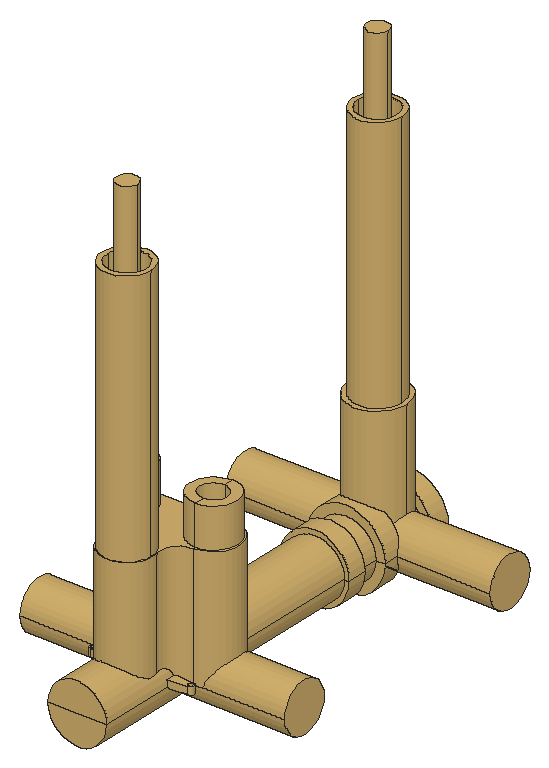
Revit family "Valve_Rough-Thermostatic-DXV-D35005523.191", category Plumbing Fixtures, host Face, Revit 2019
Family settings
  Host = Face
  Round Connector Dimension = Use Radius
  Part Type = Normal
  OmniClass Number = 23.65.55.14.11
  OmniClass Title = Inlet/Outlet Valves for Liquid Services
  Cut with Voids When Loaded = No
  Shared = Yes
  Room Calculation Point = No
Parameters (values of type "D35005523.191")
  Width = 5 7/8"
  Waste Connection = no
  WFU = 4
  Vent Connection = no
  URL = "www.dxv.com"
  Type Comments = "Discrete Functions"
  Product Page URL = "https://www.dxv.com/product/2-handle-thermostatic-rough-valve-with-3-way-diverter"
  Product Documentation Link = "https://dxv01.blob.core.windows.net/dxv-product-pdf-files/spec_D35005523S_DXV_Modulus_2hand_thermo_rough_3way_diverter_EN.pdf"
  Price = "Prices may vary. Please consult Manufacturer Representative for most up-to-date price list."  # constant formula
  Model = "D35005523.191"
  Material = "Metal-DXV-Brass"
  Manufacturer = "DXV"
  Length = 1 3/4"
  Installation Type = "Wall Mounted"
  IAPMO Compliance = "Meets or Exceeds ASME A112.18.1/CSA B125.1/ASSE 1016"  # constant formula
  Hydronic Supply Width = 1 11/16"
  Hydronic Supply Radius = 1/4"
  Hydronic Supply Diameter = Hydronic Supply Radius * 2  # 1/2"
  Height = 3 3/8"
  HWFU = 3
  HW Connection = yes
  Finish = Metal-DXV-Brass
  Description = "2-HANDLE THERMOSTATIC ROUGH VALVE WITH 3-WAY DIVERTER - DISCRETE FUNCTION"
  Default Elevation = 0"
  Creation Date = "07/29/2022"  # constant formula
  CalGreen Compliant = yes
  CWFU = 2
  CW Connection = yes
  CEC Compliant = yes
  Back to Finished Wall Constraint = if(Back to Finished Wall < 3", 3", if(Back to Finished Wall > 4 3/8", 4 3/8", Back to Finished Wall))  # 3"
  Back to Finished Wall = 3"
  Assembly Code = "D2010710"
Reference planes (in)
  plane 1 "Center (Front/Back)": y = 0
  plane 2: z = 0
  plane 3 "Center (Left/Right)": x = 0
  plane 4: x = -1.6875
  plane 5 "Tube Body": z = -3
  plane 6: y = -0.71991
  plane 7: y = 3.28009
  plane 8: y = 2.78009
  plane 9: y = 3.78009
  plane 10: y = -1.5
  plane 11: y = 3.03009
  plane 12: y = 3.53009
  plane 13: y = 2.53009
  plane 14: y = 2.28009
  plane 15: x = 1.6875
  plane 16: z = -3.5
  plane 17: z = 0
  plane 18: z = -2.5
  plane 19: z = 2.75
  plane 20: z = -0.9375
  plane 21: z = 1.82812
  plane 22: z = -1.4375
  plane 23: y = -0.71991
Forms (in)
  Extrusion 1, solid, material "Metal-DXV-Brass" <- "Finish"
    sketch origin (0, 0, 0) x (0, 1, 0) y (0, 0, 1)
      loop
        circle (0, -3) r 0.25
      loop
        circle (0, -3) r 0.3125
    from -1.6875 to 1.6875
  Extrusion 2, solid, material "Metal-DXV-Brass" <- "Finish"
    sketch origin (0, 0, -0.51392) x (1, 0, 0) y (0, 1, 0)
      loop
        arc (-0.31863, -0.64062) -> (0, -1.04825) -> (0.31863, -0.64062) r 0.32835
        arc (0.31863, -0.64062) -> (0.36041, -0.43135) -> (0.54851, -0.33058) r 0.25
        arc (0.54851, -0.33058) -> (0.86336, 0.00832) -> (0.53228, 0.33139) r 0.33118
        line (0.53228, 0.33139) -> (-0.54878, 0.33139)
        arc (-0.54878, 0.33139) -> (-0.87975, 0.00041) -> (-0.54878, -0.33056) r 0.33097
        arc (-0.54878, -0.33056) -> (-0.36049, -0.43125) -> (-0.31863, -0.64062) r 0.25
      loop
        circle (0, 3.28009) r 0.37264
    from -2.48608 to -0.92358
  Extrusion 3, solid, material "Metal-DXV-Brass" <- "Finish"
    sketch origin (-3, 0, 0) x (0, 1, 0) y (0, 0, 1)
      loop
        circle (0, -3) r 0.25
    from 1.3125 to 3
  Extrusion 4, solid, material "Metal-DXV-Brass" <- "Finish"
    sketch origin (3, 0, 0) x (0, 1, 0) y (0, 0, -1)
      loop
        circle (0, 3) r 0.25
    from 1.3125 to 3
  Extrusion 5, solid, material "Metal-DXV-Brass" <- "Finish"
    sketch origin (0, -1.6875, 0) x (1, 0, 0) y (0, 0, 1)
      loop
        circle (0, -3) r 0.25
    from -1.6875 to -0.1875
  Extrusion 6, solid, material "Metal-DXV-Brass" <- "Finish"
    sketch origin (0, 1.6875, 0) x (1, 0, 0) y (0, 0, -1)
      loop
        circle (0, 3) r 0.25
    from -1.6875 to 2.09259
  Revolve 7, solid, material "Metal-DXV-Brass" <- "Finish"
    sketch origin (0, 0, -3) x (0, -1, 0) y (1, 0, 0)
      loop
        line (-3.78009, 0) -> (1.5081, 0) -> (1.5081, 0.375) -> (-2.28009, 0.375) -> (-2.28009, 0.4375) -> (-2.53009, 0.4375) -> (-2.53009, 0.375) -> (-2.78009, 0.375) -> (-2.78009, 0.5) -> (-3.03009, 0.5) -> (-3.03009, 0.375) -> (-3.53009, 0.375) -> (-3.53009, 0.5) -> (-3.78009, 0.5) -> (-3.78009, 0)
      axis (-3.78009, 0) -> (1.5081, 0)
    angle from 0 to 360
  Extrusion 8, solid, material "Metal-DXV-Brass" <- "Finish"
    sketch origin (0, 0, 0) x (1, 0, 0) y (0, 1, 0)
      loop
        circle (0, 3.28009) r 0.25
      loop
        circle (0, 3.28009) r 0.31014
      loop
        circle (0, -0.71991) r 0.25
      loop
        circle (0, -0.71991) r 0.31014
    from -3 to 1.82812
  Revolve 9, solid, material "Metal-DXV-Brass" <- "Finish"
    sketch origin (-0.53228, 0, 0) x (0, 1, 0) y (0, 0, 1)
      loop
        line (0.29972, -2.125) -> (0.29972, -0.9375) -> (0.17472, -0.9375) -> (0.17472, -2.125) -> (0.29972, -2.125)
      axis (0, -0.9375) -> (0, -2.125)
    angle from 0 to 360
  Revolve 10, solid, material "Metal-DXV-Brass" <- "Finish"
    sketch origin (0.53228, 0, 0) x (0, 1, 0) y (0, 0, -1)
      loop
        line (0.29972, 1.4375) -> (0.17472, 1.4375) -> (0.17472, 0.9375) -> (0.29972, 0.9375) -> (0.29972, 1.4375)
      axis (0, 0.9375) -> (0, 1.4375)
    angle from 0 to 360
  Extrusion 11, solid, material "Metal-DXV-Brass" <- "Finish"
    sketch origin (0, 0, 0) x (1, 0, 0) y (0, 1, 0)
      loop
        line (-0.32797, -0.54806) -> (0.32797, -0.54806) -> (0.62321, -0.52225)
        arc (0.62321, -0.52225) -> (0.66474, -0.47713) -> (0.62295, -0.43225) r 0.04513
        line (0.62295, -0.43225) -> (0.30907, -0.40592) -> (-0.30907, -0.40592) -> (-0.62295, -0.43225)
        arc (-0.62295, -0.43225) -> (-0.66474, -0.47713) -> (-0.62321, -0.52225) r 0.04513
        line (-0.62321, -0.52225) -> (-0.32797, -0.54806)
      loop
        circle (-0.61961, -0.47726) r 0.03121
      loop
        circle (0.61961, -0.47726) r 0.03125
    from -3 to -2.90923
  Extrusion 12, solid, material "Metal-DXV-Brass" <- "Finish"
    sketch origin (0, 0, 0) x (1, 0, 0) y (0, 1, 0)
      loop
        circle (0, 3.28009) r 0.13362
      loop
        circle (0, -0.71991) r 0.13362
    from -3 to 2.75
  Extrusion 13, solid, material "Metal-DXV-Brass" <- "Finish"
    sketch origin (0, 0, 0) x (0, 1, 0) y (0, 0, 1)
      loop
        circle (3.28009, -3) r 0.3125
    from -1.6875 to 1.6875
Cuts and joins
  joined: Extrusion 1, Extrusion 2, Extrusion 3, Extrusion 4, Extrusion 5, Extrusion 6, Revolve 7, Extrusion 8, Revolve 9, Revolve 10, Extrusion 11, Extrusion 12, Extrusion 13
Lines and regions (in)
  Masking region 1, detail levels medium+fine
    outline origin (0, 0, 0) x (1, 0, 0) y (0, 0, 1)
      loop
        line (-0.31014, -0.9375) -> (-0.83201, -0.9375) -> (-0.83201, -1.4375) -> (-0.87975, -1.4375) -> (-0.87975, -2.6875) -> (-1.6875, -2.6875) -> (-1.6875, -3.3125) -> (-0.39031, -3.3125)
        arc (-0.39031, -3.3125) -> (0, -3.5) -> (0.39031, -3.3125) r 0.5
        line (0.39031, -3.3125) -> (1.6875, -3.3125) -> (1.6875, -2.6875) -> (0.8633, -2.6875) -> (0.8633, -1.4375) -> (0.83201, -1.4375) -> (0.83201, -0.9375) -> (0.31014, -0.9375) -> (0.31014, 0) -> (-0.31014, 0) -> (-0.31014, -0.9375)
  Masking region 2
    outline origin (0, 0, 0) x (1, 0, 0) y (0, 0, 1)
      loop
        line (0.31014, 0) -> (0.31014, 1.82812) -> (0.13362, 1.82812) -> (0.13362, 2.75) -> (-0.13362, 2.75) -> (-0.13362, 1.82812) -> (-0.31014, 1.82812) -> (-0.31014, 0) -> (0.31014, 0)
  symbolic lines
    curve 1: line (0.13241, 0, 1.82812) -> (-0.13325, 0, 1.82812)
Dimensions and locks (in)
  plane 4 to plane 3 "Center (Left/Right)" = 1 11/16"
  plane 14 to plane 13 to plane 8 to plane 11 to plane 7 to plane 12 to plane 9 = 1/4" locked, 1/4" locked, 1/4" locked, 1/4" locked, 1/4" locked, 1/4" locked
  plane 3 "Center (Left/Right)" to Revolve 7 sketch curve to Revolve 7 sketch curve to Revolve 7 sketch curve to Revolve 7 sketch curve to Revolve 7 sketch curve = 3/8" locked, 0" locked, 1/16" locked, 1/16" locked, 0" locked
  plane 6 to plane 7 = 4"
  plane 19 to plane 20 to plane 16 = 3 11/16" locked, 2 9/16" locked
  locked: plane 21 to plane 19 at 0.92187
  plane 20 to plane 22 = 1/2"
  plane 16 to plane 5 "Tube Body" to plane 18 = 1/2" locked, 1/2" locked
  "Back to Finished Wall Constraint": level to plane 5 "Tube Body"
  locked: cut or joined group 1 (Extrusion 1, Extrusion 2, Extrusion 3, Extrusion 4, Extrusion 5, Extrusion 6, Revolve 7, Extrusion 8, Revolve 9, Revolve 10, Extrusion 11, Extrusion 12, Extrusion 13) to plane 5 "Tube Body" at 0.09077
  aligned and locked: plane 2 to host face
  aligned and locked: Extrusion 8 to plane 21
  aligned and locked: plane 22 to Extrusion 2
  aligned and locked: plane 4 to Extrusion 3
  aligned and locked: plane 3 "Center (Left/Right)" to Extrusion 3
  aligned and locked: Extrusion 1 to Extrusion 4
  aligned and locked: plane 1 "Center (Front/Back)" to Extrusion 6
  aligned and locked: Extrusion 5 to plane 1 "Center (Front/Back)"
  aligned and locked: Extrusion 12 to plane 19
  aligned and locked: Extrusion 12 to plane 5 "Tube Body"
  aligned and locked: Extrusion 8 to plane 5 "Tube Body"
  aligned and locked: Extrusion 2 to plane 5 "Tube Body"
  aligned and locked: plane 22 to cut or joined group 1
  aligned and locked: cut or joined group 1 to plane 20  (x2)
  aligned and locked: cut or joined group 1 to plane 22  (x2)
  aligned and locked: Extrusion 11 to plane 5 "Tube Body"
  aligned and locked: plane 20 to Masking region 1 sketch curve
  aligned and locked: plane 22 to Masking region 1 sketch curve
  aligned and locked: Masking region 1 sketch curve to plane 4
  aligned and locked: Masking region 1 sketch curve to cut or joined group 1
  aligned and locked: plane 7 to Extrusion 13 sketch curve
  aligned and locked: plane 5 "Tube Body" to Extrusion 13 sketch curve
  aligned and locked: plane 4 to Extrusion 13
  aligned and locked: Masking region 1 sketch curve to host face
  aligned and locked: host face to Masking region 2 sketch curve
  aligned and locked: Masking region 2 sketch curve to Masking region 1
  aligned and locked: Masking region 1 to Masking region 2 sketch curve
  aligned and locked: Masking region 2 sketch curve to cut or joined group 1  (x5)
Automatic sketch dimensions
  host sketch curve to host sketch curve = 96"  (x2)
  Extrusion 1 sketch curve to Extrusion 1 sketch curve = 0"  (x2)
  Extrusion 1 sketch curve to plane 1 "Center (Front/Back)" = 0"
  Extrusion 1 sketch curve to plane 5 "Tube Body" = 0"
  Extrusion 2 sketch curve to Extrusion 2 sketch curve = 0"  (x4)
  plane 7 to Extrusion 2 sketch curve = 0"
  Extrusion 2 sketch curve to plane 3 "Center (Left/Right)" = 0"  (x2)
  plane 6 to Extrusion 2 sketch curve = 0"
  Extrusion 2 sketch curve to plane 3 "Center (Left/Right)" = 0.54878"
  Extrusion 2 sketch curve to Extrusion 2 sketch curve = 0.01246"
  plane 3 "Center (Left/Right)" to Extrusion 2 sketch curve = 0.53228"
  Extrusion 2 sketch curve to plane 6 = 0.13965"  (x2)
  plane 3 "Center (Left/Right)" to Extrusion 2 sketch curve = 0.56123"
  Extrusion 2 sketch curve to plane 1 "Center (Front/Back)" = 0.00021"
  Extrusion 2 sketch curve to plane 1 "Center (Front/Back)" = 0.00041"
  Extrusion 2 sketch curve to Extrusion 2 sketch curve = 0.33097"
  Extrusion 2 sketch curve to Extrusion 2 sketch curve = 0.37264"
  Extrusion 3 sketch curve to plane 1 "Center (Front/Back)" = 0"
  Extrusion 3 sketch curve to plane 5 "Tube Body" = 0"
  Extrusion 4 sketch curve to plane 1 "Center (Front/Back)" = 0"
  Extrusion 4 sketch curve to plane 5 "Tube Body" = 0"
  Extrusion 5 sketch curve to plane 3 "Center (Left/Right)" = 0"
  Extrusion 5 sketch curve to plane 5 "Tube Body" = 0"
  Extrusion 6 sketch curve to plane 3 "Center (Left/Right)" = 0"
  Extrusion 6 sketch curve to plane 5 "Tube Body" = 0"
  Revolve 7 sketch curve to plane 3 "Center (Left/Right)" = 0"  (x2)
  plane 9 to Revolve 7 sketch curve = 0"  (x2)
  plane 12 to Revolve 7 sketch curve = 0"
  plane 11 to Revolve 7 sketch curve = 0"
  plane 8 to Revolve 7 sketch curve = 0"
  plane 13 to Revolve 7 sketch curve = 0"
  plane 14 to Revolve 7 sketch curve = 0"
  plane 10 to Revolve 7 sketch curve = 0.0081"
  Revolve 7 sketch curve to Revolve 7 sketch curve = 3/8"
  Revolve 7 sketch curve to Revolve 7 sketch curve = 3/4"
  Extrusion 8 sketch curve to Extrusion 8 sketch curve = 0"  (x4)
  Extrusion 8 sketch curve to plane 3 "Center (Left/Right)" = 0"  (x2)
  plane 6 to Extrusion 8 sketch curve = 0"
  plane 7 to Extrusion 8 sketch curve = 0"
  Revolve 9 sketch curve to plane 1 "Center (Front/Back)" = 0"
  plane 20 to Revolve 9 sketch curve = 0"
  Revolve 9 sketch curve to plane 1 "Center (Front/Back)" = 0.17472"
  Revolve 9 sketch curve to Revolve 9 sketch curve = 1/8"
  Revolve 9 sketch curve to plane 18 = 3/8"
  Revolve 9 sketch curve to plane 22 = 3/16"
  Revolve 9 sketch curve to Revolve 9 sketch curve = 0"
  Revolve 10 sketch curve to plane 1 "Center (Front/Back)" = 0"
  Revolve 10 sketch curve to plane 22 = 0"  (x2)
  plane 20 to Revolve 10 sketch curve = 0"  (x2)
  Revolve 10 sketch curve to Revolve 10 sketch curve = 0.17472"
  Revolve 10 sketch curve to Revolve 10 sketch curve = 1/8"
  Extrusion 11 sketch curve to Extrusion 11 sketch curve = 0"  (x4)
  Extrusion 11 sketch curve to plane 6 = 0.19766"  (x2)
  Extrusion 11 sketch curve to plane 3 "Center (Left/Right)" = 0.62321"
  Extrusion 11 sketch curve to plane 6 = 0.28765"  (x2)
  Extrusion 11 sketch curve to Extrusion 11 sketch curve = 0.00026"
  Extrusion 11 sketch curve to Extrusion 11 sketch curve = 0.00334"  (x2)
  Extrusion 11 sketch curve to Extrusion 11 sketch curve = 0.29524"
  Extrusion 11 sketch curve to Extrusion 11 sketch curve = 0.01891"  (x2)
  plane 3 "Center (Left/Right)" to Extrusion 11 sketch curve = 0.30907"
  Extrusion 11 sketch curve to Extrusion 11 sketch curve = 0.29164"
  Extrusion 11 sketch curve to Extrusion 11 sketch curve = 0.0036"
  Extrusion 11 sketch curve to plane 6 = 0.17184"
  Extrusion 11 sketch curve to Extrusion 11 sketch curve = 0.14214"
  Extrusion 12 sketch curve to plane 3 "Center (Left/Right)" = 0"  (x2)
  plane 6 to Extrusion 12 sketch curve = 0"
  plane 7 to Extrusion 12 sketch curve = 0"
  curve 1 to plane 21 = 0"
  curve 1 to plane 3 "Center (Left/Right)" = 0.13325"
  plane 3 "Center (Left/Right)" to curve 1 = 0.13241"
  Masking region 1 sketch curve to plane 3 "Center (Left/Right)" = 0"
  Masking region 1 sketch curve to plane 20 = 0"
  Masking region 1 sketch curve to plane 22 = 0"
  Masking region 1 sketch curve to plane 15 = 0"
  Masking region 1 sketch curve to plane 5 "Tube Body" = 0"
  plane 18 to Masking region 1 sketch curve = 3/16"  (x2)
  Masking region 1 sketch curve to plane 4 = 0.80775"
  Masking region 1 sketch curve to Masking region 1 sketch curve = 0.04774"
  plane 16 to Masking region 1 sketch curve = 3/16"  (x2)
  Masking region 1 sketch curve to plane 3 "Center (Left/Right)" = 0.39031"
  Masking region 1 sketch curve to Masking region 1 sketch curve = 0.52187"
  Masking region 1 sketch curve to Masking region 1 sketch curve = 0.03129"
  plane 3 "Center (Left/Right)" to Masking region 1 sketch curve = 0.31014"
  radius of Extrusion 1 sketch curve = 1/4"
  radius of Extrusion 1 sketch curve = 5/16"
  radius of Extrusion 3 sketch curve = 1/4"
  radius of Extrusion 4 sketch curve = 1/4"
  radius of Extrusion 5 sketch curve = 1/4"
  radius of Extrusion 6 sketch curve = 1/4"
  radius of Extrusion 8 sketch curve = 1/4"  (x2)
  radius of Extrusion 8 sketch curve = 0.31014"  (x2)
  radius of Extrusion 11 sketch curve = 0.03121"
  radius of Extrusion 11 sketch curve = 1/32"
  radius of Extrusion 12 sketch curve = 0.13362"  (x2)
  radius of Extrusion 13 sketch curve = 5/16"
Connectors (in)
  piping at (1.6875, 0, -3), diameter 0.5, driven by "Hydronic Supply Radius"
    settings: on Extrusion 4, index 1, connector inside diameter 1/2", connector length 0", flow factor 0, pipe flow 0 GPM, pressure drop 0.00 psi, fitting loss kfactor 0, connector angle 0.00°, fixture units 3, engagement length 0", angle of deflection 0.00°, flow configuration 3, flow direction 1, fitting loss method 0, system type 7, joint type 0, gender type 0, connector reference index -1, connector utility 0, adjustable connector no, is connector primary yes, connector description "1/2\" NPT CW Inlet Connection"
  piping at (-1.6875, 0, -3), diameter 0.5, driven by "Hydronic Supply Radius"
    settings: on Extrusion 3, index 3, connector inside diameter 1/2", connector length 0", flow factor 0, pipe flow 0 GPM, pressure drop 0.00 psi, fitting loss kfactor 0, connector angle 0.00°, fixture units 3, engagement length 0", angle of deflection 0.00°, flow configuration 3, flow direction 1, fitting loss method 0, system type 7, joint type 0, gender type 0, connector reference index -1, connector utility 0, adjustable connector no, is connector primary no, connector description "1/2\" NPT HW Inlet Connection"
  piping at (0, 3.78009, -3), diameter 0.5, driven by "Hydronic Supply Radius"
    settings: on Extrusion 6, index 4, connector inside diameter 1/2", connector length 0", flow factor 0, pipe flow 0 GPM, pressure drop 0.00 psi, fitting loss kfactor 0, connector angle 0.00°, fixture units 3, engagement length 0", angle of deflection 0.00°, flow configuration 3, flow direction 2, fitting loss method 0, system type 7, joint type 0, gender type 0, connector reference index -1, connector utility 0, adjustable connector no, is connector primary no, connector description "1/2\" NPT Outlet Connection A"
  piping at (1.6875, 3.28009, -3), diameter 0.5, driven by "Hydronic Supply Radius"
    settings: on cut or joined group 1, index 5, connector inside diameter 24", connector length 0", flow factor 0, pipe flow 0 GPM, pressure drop 0.00 psi, fitting loss kfactor 0, connector angle 0.00°, fixture units 0, engagement length 0", angle of deflection 0.00°, flow configuration 0, flow direction 2, fitting loss method 0, system type 29, joint type 0, gender type 0, connector reference index -1, connector utility 0, adjustable connector no, is connector primary no, connector description "1/2\" NPT Outlet Connection B"
  piping at (0, -1.5081, -3), diameter 0.5, driven by "Hydronic Supply Radius"
    settings: on cut or joined group 1, index 6, connector inside diameter 24", connector length 0", flow factor 0, pipe flow 0 GPM, pressure drop 0.00 psi, fitting loss kfactor 0, connector angle 0.00°, fixture units 0, engagement length 0", angle of deflection 0.00°, flow configuration 0, flow direction 2, fitting loss method 0, system type 29, joint type 0, gender type 0, connector reference index -1, connector utility 0, adjustable connector no, is connector primary no, connector description "1/2\" NPT Outlet Connection D"
  piping at (-1.6875, 3.28009, -3), diameter 0.5, driven by "Hydronic Supply Radius"
    settings: on cut or joined group 1, index 7, connector inside diameter 24", connector length 0", flow factor 0, pipe flow 0 GPM, pressure drop 0.00 psi, fitting loss kfactor 0, connector angle 0.00°, fixture units 0, engagement length 0", angle of deflection 0.00°, flow configuration 0, flow direction 2, fitting loss method 0, system type 29, joint type 0, gender type 0, connector reference index -1, connector utility 0, adjustable connector no, is connector primary no, connector description "1/2\" NPT Outlet Connection C"
